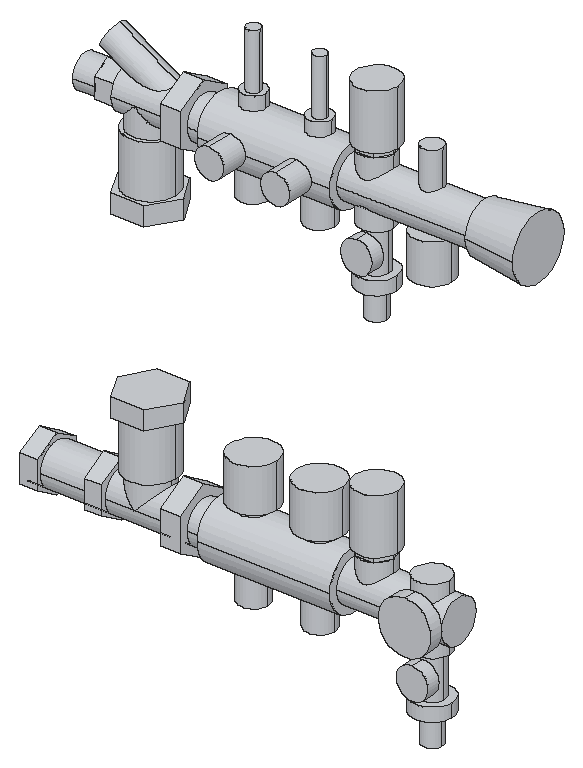
Revit family "318_1dab38ccfa9a4ba2b3cf6a35155c02", category Pipe Accessories, Revit 2017
Family settings
  Round Connector Dimension = Use Diameter
  Part Type = Valve - Normal
  Work Plane-Based = No
  Always vertical = Yes
  Cut with Voids When Loaded = No
  Shared = No
Parameters (values of type "R557FY002")
  magi_piping_qv_2_2 [instance] = 0.0 L/s
  magi_piping_qv_2_1 [instance] = 0.0 L/s
  magi_piping_qv_1_2 [instance] = 0.0 L/s
  magi_piping_qv_1_1 [instance] = 0.0 L/s
  magi_piping_qv [instance] = 0.0 L/s
  magi_piping_power_2 [instance] = 0 W
  magi_piping_power_1 [instance] = 0 W
  magi_piping_kv_2 [instance] = 0
  magi_piping_kv_1 [instance] = 0
  magi_piping_dpTot_2 [instance] = 0.0 Pa
  magi_piping_dpTot_1 [instance] = 0.0 Pa
  magi_adjustmentValue_2 [instance] = ""
  magi_adjustmentValue_1 [instance] = ""
  magiProductId = "1dab38ccfa9a4ba2b3cf6a35155c02"
  magiProductFamilyId = "1dab38ccfa9a4ba2b3cf6a35155c02"
  magiProductCode = "R557FY002"
  magiPartTypeId = 318
  X1 = 127 mm
  VersionID = "2.0/2016.10.37.0/GIACOMINI_R557FY_001"
  VL2__ve = -VL2  # -137 mm
  VL2 = 137 mm
  VL1 = 102 mm
  URL = "http://www.giacomini.com/en"
  SMP = 25 mm
  SBP9 = 18 mm
  SBP8 = 18 mm
  SBP7 = 18 mm
  SBP6 = 18 mm
  SBP5 = 18 mm
  SBP4 = 18 mm
  SBP3 = 18 mm
  SBP2 = 18 mm
  SBP12 = 18 mm
  SBP11 = 18 mm
  SBP10 = 18 mm
  SBP1 = 18 mm
  RMP = 25 mm
  RBP9 = 18 mm
  RBP8 = 18 mm
  RBP7 = 18 mm
  RBP6 = 18 mm
  RBP5 = 18 mm
  RBP4 = 18 mm
  RBP3 = 18 mm
  RBP2 = 18 mm
  RBP12 = 18 mm
  RBP11 = 18 mm
  RBP10 = 18 mm
  RBP1 = 18 mm
  R2 = 22 mm
  QmdConnectorList = "321;SMP;322;SBP1;323;SBP2;351;RMP;352;RBP1;353;RBP2"
  Productdata [instance] = "© Progman Oy, all rights reserved"
  N9 = no
  N8 = no
  N7 = no
  N6 = no
  N5 = no
  N4 = no
  N3 = no
  N12 = no
  N11 = no
  N10 = no
  Manufacturer = "Giacomini"
  MC_Default_elevation = 0 mm
  L = 100 mm
  I = 50 mm
  H5 = 33 mm
  H4 = 5 mm
  H3__ve = -H3  # -40 mm
  H3 = 40 mm
  H2__ve = -H2  # -20 mm
  H2 = 20 mm
  H12 = 42 mm
  H11 = 10 mm
  Flow supply main [instance] = Flow supply 1 + Flow supply 2  # 0.0 L/s
  Flow supply 2 [instance] = 0.0 L/s
  Flow supply 1 [instance] = 0.0 L/s
  Flow return main [instance] = Flow return 1 + Flow return 2  # 0.0 L/s
  Flow return 2 [instance] = 0.0 L/s
  Flow return 1 [instance] = 0.0 L/s
  E = 274 mm
  Description = "PREASSEMBLED MANIFOLD WITH FLOW METERS"
  D4 = 22 mm
  D32 = 10 mm
  D31 = 18 mm
  D2 = 44 mm
  CAT0 = yes
Reference planes
  plane 1 "Center (Front/Back)": y = 0
  plane 2 "XYPLANE": z = 0
  plane 3 "Center (Left/Right)": x = 0
  plane 4 "INIT_TEMP": y = 100
  plane 5 "386": y = -16
  plane 6 "385": z = -41
  plane 7 "384": z = -67
  plane 8 "383": z = -57
  plane 9 "382": y = -9
  plane 10 "381": z = -315
  plane 11 "380": z = -341
  plane 12 "379": z = -331
  plane 13 "378": z = -213
  plane 14 "377": z = -253
  plane 15 "376": z = -61
  plane 16 "375": z = -21
  plane 17 "374": x = 49
  plane 18 "373": x = 77
  plane 19 "372": x = 17
  plane 20 "371": x = 32
  plane 21 "370": x = -35
  plane 22 "369": x = 27
  plane 23 "368": x = 89
  plane 24 "367": x = -35
  plane 25 "366": x = 102
  plane 26 "365": z = -314
  plane 27 "364": z = -247
  plane 28 "363": z = -252
  plane 29 "362": z = -40
  plane 30 "361": x = 0
  plane 31 "360": y = 0
  plane 32 "359": z = -274
  plane 33 "358": z = 0
  plane 34 "357": z = 22
  plane 35 "356": x = 127
  plane 36 "355": x = 177
  plane 37 "354": y = -22
  plane 38 "353": x = 227
  plane 39 "352": z = 32
  plane 40 "351": x = 277
  plane 41 "350": x = 327
  plane 42 "349": x = 377
  plane 43 "348": x = 427
  plane 44 "347": x = 477
  plane 45 "346": x = 527
  plane 46 "345": x = 577
  plane 47 "344": x = 627
  plane 48 "343": x = 677
  plane 49 "342": x = 202
  plane 50 "341": x = 302
  plane 51 "340": x = 342
  plane 52 "339": x = 220
  plane 53 "338": z = -25
  plane 54 "337": z = 25
  plane 55 "336": z = 30
  plane 56 "335": z = -249
  plane 57 "334": z = -244
  plane 58 "333": z = -16
  plane 59 "332": x = 262
  plane 60 "331": z = -299
  plane 61 "1099": through (77, -750, 0) normal (0.866, 0, -0.5)
Forms (mm)
  Extrusion 1, solid
    sketch origin (750, -16, 0) x (-1, 0, 0) y (0, 0, 1)
      loop
        circle (488, -274) r 20
    from 0 to -10
  Extrusion 2, solid
    sketch origin (-750, 0, -67) x (1, 0, 0) y (0, 1, 0)
      loop
        circle (970, 0) r 7.5
    from 0 to -22
  Extrusion 3, solid
    sketch origin (750, -9, 0) x (-1, 0, 0) y (0, 0, 1)
      loop
        circle (530, -41) r 12
    from 0 to -10
  Extrusion 4, solid
    sketch origin (750, -9, 0) x (-1, 0, 0) y (0, 0, 1)
      loop
        circle (488, -315) r 12
    from 0 to -10
  Extrusion 5, solid
    sketch origin (-750, 0, -341) x (1, 0, 0) y (0, 1, 0)
      loop
        circle (1012, 0) r 7.5
    from 0 to -22
  Extrusion 6, solid
    sketch origin (-750, 0, -57) x (1, 0, 0) y (0, 1, 0)
      loop
        circle (970, 0) r 15
    from 0 to -10
  Extrusion 7, solid
    sketch origin (-750, 0, -331) x (1, 0, 0) y (0, 1, 0)
      loop
        circle (1012, 0) r 15
    from 0 to -10
  Extrusion 8, solid
    sketch origin (-750, 0, -299) x (1, 0, 0) y (0, 1, 0)
      loop
        circle (1012, 0) r 9
    from 0 to -32
  Extrusion 9, solid
    sketch origin (-750, 0, -253) x (1, 0, 0) y (0, 1, 0)
      loop
        circle (799, 0) r 19
    from 0 to 40
  Extrusion 10, solid
    sketch origin (-750, 0, -274) x (1, 0, 0) y (0, 1, 0)
      loop
        circle (799, 0) r 16
    from 0 to 21
  Extrusion 11, solid
    sketch origin (-750, 0, -213) x (1, 0, 0) y (0, 1, 0)
      loop
        line (824, 0) -> (811.5, 21.651) -> (786.5, 21.651) -> (774, 0) -> (786.5, -21.651) -> (811.5, -21.651) -> (824, 0)
    from 0 to 14
  Extrusion 12, solid
    sketch origin (-750, 0, -61) x (1, 0, 0) y (0, 1, 0)
      loop
        line (774, 0) -> (786.5, -21.651) -> (811.5, -21.651) -> (824, 0) -> (811.5, 21.651) -> (786.5, 21.651) -> (774, 0)
    from 0 to -14
  Extrusion 13, solid
    sketch origin (-750, 0, 0) x (1, 0, 0) y (0, 1, 0)
      loop
        circle (799, 0) r 16
    from 0 to -21
  Extrusion 14, solid
    sketch origin (-750, 0, -21) x (1, 0, 0) y (0, 1, 0)
      loop
        circle (799, 0) r 19
    from 0 to -40
  Extrusion 15, solid
    sketch origin (77, -750, 0) x (0, 1, 0) y (0.5, 0, 0.866025)
      loop
        circle (750, 0) r 10.5
    from 0 to -65
  Extrusion 16, solid, visible <- "CAT0"
    sketch origin (17, -750, 0) x (0, 1, 0) y (0, 0, 1)
      loop
        circle (750, 0) r 12.5
    from 0 to -17
  Extrusion 17, solid
    sketch origin (32, -750, 0) x (0, 1, 0) y (0, 0, 1)
      loop
        line (750, 15) -> (737.01, 7.5) -> (737.01, -7.5) -> (750, -15) -> (762.99, -7.5) -> (762.99, 7.5) -> (750, 15)
    from 0 to -15
  Extrusion 18, solid
    sketch origin (-35, -750, 0) x (0, 1, 0) y (0, 0, 1)
      loop
        line (750, -253) -> (731.813, -263.5) -> (731.813, -284.5) -> (750, -295) -> (768.187, -284.5) -> (768.187, -263.5) -> (750, -253)
    from 0 to 13
  Extrusion 19, solid
    sketch origin (27, -750, 0) x (0, 1, 0) y (0, 0, 1)
      loop
        line (750, -253) -> (731.813, -263.5) -> (731.813, -284.5) -> (750, -295) -> (768.187, -284.5) -> (768.187, -263.5) -> (750, -253)
    from 0 to -13
  Extrusion 20, solid
    sketch origin (102, -750, 0) x (0, 1, 0) y (0, 0, 1)
      loop
        circle (750, 0) r 16
    from 0 to -70
  Extrusion 21, solid
    sketch origin (89, -750, 0) x (0, 1, 0) y (0, 0, 1)
      loop
        line (750, 25) -> (728.349, 12.5) -> (728.349, -12.5) -> (750, -25) -> (771.651, -12.5) -> (771.651, 12.5) -> (750, 25)
    from 0 to -15
  Extrusion 22, solid
    sketch origin (89, -750, 0) x (0, 1, 0) y (0, 0, 1)
      loop
        line (750, -249) -> (728.349, -261.5) -> (728.349, -286.5) -> (750, -299) -> (771.651, -286.5) -> (771.651, -261.5) -> (750, -249)
    from 0 to -15
  Extrusion 23, solid
    sketch origin (102, -750, 0) x (0, 1, 0) y (0, 0, 1)
      loop
        circle (750, -274) r 16
    from 0 to -137 <- "VL2__ve"
  Extrusion 24, solid, visible <- "N10"
    sketch origin (-750, 0, -274) x (1, 0, 0) y (0, 1, 0)
      loop
        circle (1327, 0) r 11
    from 0 to -40 <- "H3__ve"
  Extrusion 25, solid, visible <- "N10"
    sketch origin (-750, 0, -252) x (1, 0, 0) y (0, 1, 0)
      loop
        circle (1327, 0) r 11
    from 0 to 5 <- "H4"
  Extrusion 26, solid, visible <- "N10"
    sketch origin (-750, 0, -247) x (1, 0, 0) y (0, 1, 0)
      loop
        circle (1327, 0) r 17.5
    from 0 to 33 <- "H5"
  Extrusion 27, solid, visible <- "N12"
    sketch origin (-750, 0, -247) x (1, 0, 0) y (0, 1, 0)
      loop
        circle (1427, 0) r 17.5
    from 0 to 33 <- "H5"
  Extrusion 28, solid, visible <- "N12"
    sketch origin (-750, 0, -252) x (1, 0, 0) y (0, 1, 0)
      loop
        circle (1427, 0) r 11
    from 0 to 5 <- "H4"
  Extrusion 29, solid, visible <- "N12"
    sketch origin (-750, 0, -274) x (1, 0, 0) y (0, 1, 0)
      loop
        circle (1427, 0) r 11
    from 0 to -40 <- "H3__ve"
  Extrusion 30, solid, visible <- "N11"
    sketch origin (-750, 0, -274) x (1, 0, 0) y (0, 1, 0)
      loop
        circle (1377, 0) r 11
    from 0 to -40 <- "H3__ve"
  Extrusion 31, solid, visible <- "N11"
    sketch origin (-750, 0, -252) x (1, 0, 0) y (0, 1, 0)
      loop
        circle (1377, 0) r 11
    from 0 to 5 <- "H4"
  Extrusion 32, solid, visible <- "N11"
    sketch origin (-750, 0, -247) x (1, 0, 0) y (0, 1, 0)
      loop
        circle (1377, 0) r 17.5
    from 0 to 33 <- "H5"
  Extrusion 33, solid, visible <- "N8"
    sketch origin (-750, 0, -247) x (1, 0, 0) y (0, 1, 0)
      loop
        circle (1227, 0) r 17.5
    from 0 to 33 <- "H5"
  Extrusion 34, solid, visible <- "N8"
    sketch origin (-750, 0, -252) x (1, 0, 0) y (0, 1, 0)
      loop
        circle (1227, 0) r 11
    from 0 to 5 <- "H4"
  Extrusion 35, solid, visible <- "N8"
    sketch origin (-750, 0, -274) x (1, 0, 0) y (0, 1, 0)
      loop
        circle (1227, 0) r 11
    from 0 to -40 <- "H3__ve"
  Extrusion 36, solid, visible <- "N9"
    sketch origin (-750, 0, -274) x (1, 0, 0) y (0, 1, 0)
      loop
        circle (1277, 0) r 11
    from 0 to -40 <- "H3__ve"
  Extrusion 37, solid, visible <- "N9"
    sketch origin (-750, 0, -252) x (1, 0, 0) y (0, 1, 0)
      loop
        circle (1277, 0) r 11
    from 0 to 5 <- "H4"
  Extrusion 38, solid, visible <- "N9"
    sketch origin (-750, 0, -247) x (1, 0, 0) y (0, 1, 0)
      loop
        circle (1277, 0) r 17.5
    from 0 to 33 <- "H5"
  Extrusion 39, solid, visible <- "N7"
    sketch origin (-750, 0, -247) x (1, 0, 0) y (0, 1, 0)
      loop
        circle (1177, 0) r 17.5
    from 0 to 33 <- "H5"
  Extrusion 40, solid, visible <- "N7"
    sketch origin (-750, 0, -252) x (1, 0, 0) y (0, 1, 0)
      loop
        circle (1177, 0) r 11
    from 0 to 5 <- "H4"
  Extrusion 41, solid, visible <- "N7"
    sketch origin (-750, 0, -274) x (1, 0, 0) y (0, 1, 0)
      loop
        circle (1177, 0) r 11
    from 0 to -40 <- "H3__ve"
  Extrusion 42, solid, visible <- "N6"
    sketch origin (-750, 0, -274) x (1, 0, 0) y (0, 1, 0)
      loop
        circle (1127, 0) r 11
    from 0 to -40 <- "H3__ve"
  Extrusion 43, solid, visible <- "N6"
    sketch origin (-750, 0, -252) x (1, 0, 0) y (0, 1, 0)
      loop
        circle (1127, 0) r 11
    from 0 to 5 <- "H4"
  Extrusion 44, solid, visible <- "N6"
    sketch origin (-750, 0, -247) x (1, 0, 0) y (0, 1, 0)
      loop
        circle (1127, 0) r 17.5
    from 0 to 33 <- "H5"
  Extrusion 45, solid, visible <- "N5"
    sketch origin (-750, 0, -247) x (1, 0, 0) y (0, 1, 0)
      loop
        circle (1077, 0) r 17.5
    from 0 to 33 <- "H5"
  Extrusion 46, solid, visible <- "N5"
    sketch origin (-750, 0, -252) x (1, 0, 0) y (0, 1, 0)
      loop
        circle (1077, 0) r 11
    from 0 to 5 <- "H4"
  Extrusion 47, solid, visible <- "N5"
    sketch origin (-750, 0, -274) x (1, 0, 0) y (0, 1, 0)
      loop
        circle (1077, 0) r 11
    from 0 to -40 <- "H3__ve"
  Extrusion 48, solid, visible <- "N4"
    sketch origin (-750, 0, -274) x (1, 0, 0) y (0, 1, 0)
      loop
        circle (1027, 0) r 11
    from 0 to -40 <- "H3__ve"
  Extrusion 49, solid, visible <- "N4"
    sketch origin (-750, 0, -252) x (1, 0, 0) y (0, 1, 0)
      loop
        circle (1027, 0) r 11
    from 0 to 5 <- "H4"
  Extrusion 50, solid, visible <- "N4"
    sketch origin (-750, 0, -247) x (1, 0, 0) y (0, 1, 0)
      loop
        circle (1027, 0) r 17.5
    from 0 to 33 <- "H5"
  Extrusion 51, solid, visible <- "N3"
    sketch origin (-750, 0, -247) x (1, 0, 0) y (0, 1, 0)
      loop
        circle (977, 0) r 17.5
    from 0 to 33 <- "H5"
  Extrusion 52, solid, visible <- "N3"
    sketch origin (-750, 0, -252) x (1, 0, 0) y (0, 1, 0)
      loop
        circle (977, 0) r 11
    from 0 to 5 <- "H4"
  Extrusion 53, solid
    sketch origin (-750, 0, -252) x (1, 0, 0) y (0, 1, 0)
      loop
        circle (927, 0) r 11
    from 0 to 5 <- "H4"
  Extrusion 54, solid
    sketch origin (-750, 0, -247) x (1, 0, 0) y (0, 1, 0)
      loop
        circle (927, 0) r 17.5
    from 0 to 33 <- "H5"
  Extrusion 55, solid
    sketch origin (-750, 0, -247) x (1, 0, 0) y (0, 1, 0)
      loop
        circle (877, 0) r 17.5
    from 0 to 33 <- "H5"
  Extrusion 56, solid
    sketch origin (-750, 0, -252) x (1, 0, 0) y (0, 1, 0)
      loop
        circle (877, 0) r 11
    from 0 to 5 <- "H4"
  Extrusion 57, solid, visible <- "N3"
    sketch origin (-750, 0, -274) x (1, 0, 0) y (0, 1, 0)
      loop
        circle (977, 0) r 11
    from 0 to -40 <- "H3__ve"
  Extrusion 58, solid
    sketch origin (-750, 0, -274) x (1, 0, 0) y (0, 1, 0)
      loop
        circle (877, 0) r 11
    from 0 to -40 <- "H3__ve"
  Extrusion 59, solid
    sketch origin (-750, 0, -274) x (1, 0, 0) y (0, 1, 0)
      loop
        circle (927, 0) r 11
    from 0 to -40 <- "H3__ve"
  Extrusion 60, solid
    sketch origin (102, -750, 0) x (0, 1, 0) y (0, 0, 1)
      loop
        circle (750, -274) r 22
    from 0 to 100 <- "L"
  Extrusion 61, solid, visible <- "N8"
    sketch origin (-750, 0, 0) x (1, 0, 0) y (0, 1, 0)
      loop
        circle (1227, 0) r 11
    from 0 to -40 <- "H3__ve"
  Extrusion 62, solid, visible <- "N9"
    sketch origin (-750, 0, 0) x (1, 0, 0) y (0, 1, 0)
      loop
        circle (1277, 0) r 11
    from 0 to -40 <- "H3__ve"
  Extrusion 63, solid, visible <- "N10"
    sketch origin (-750, 0, 0) x (1, 0, 0) y (0, 1, 0)
      loop
        circle (1327, 0) r 11
    from 0 to -40 <- "H3__ve"
  Extrusion 64, solid, visible <- "N11"
    sketch origin (-750, 0, 0) x (1, 0, 0) y (0, 1, 0)
      loop
        circle (1377, 0) r 11
    from 0 to -40 <- "H3__ve"
  Extrusion 65, solid, visible <- "N12"
    sketch origin (-750, 0, 0) x (1, 0, 0) y (0, 1, 0)
      loop
        circle (1427, 0) r 11
    from 0 to -40 <- "H3__ve"
  Extrusion 66, solid, visible <- "N7"
    sketch origin (-750, 0, 0) x (1, 0, 0) y (0, 1, 0)
      loop
        circle (1177, 0) r 11
    from 0 to -40 <- "H3__ve"
  Extrusion 67, solid, visible <- "N6"
    sketch origin (-750, 0, 0) x (1, 0, 0) y (0, 1, 0)
      loop
        circle (1127, 0) r 11
    from 0 to -40 <- "H3__ve"
  Extrusion 68, solid, visible <- "N5"
    sketch origin (-750, 0, 0) x (1, 0, 0) y (0, 1, 0)
      loop
        circle (1077, 0) r 11
    from 0 to -40 <- "H3__ve"
  Extrusion 69, solid, visible <- "N4"
    sketch origin (-750, 0, 0) x (1, 0, 0) y (0, 1, 0)
      loop
        circle (1027, 0) r 11
    from 0 to -40 <- "H3__ve"
  Extrusion 70, solid, visible <- "N3"
    sketch origin (-750, 0, 0) x (1, 0, 0) y (0, 1, 0)
      loop
        circle (977, 0) r 11
    from 0 to -40 <- "H3__ve"
  Extrusion 71, solid
    sketch origin (-750, 0, 0) x (1, 0, 0) y (0, 1, 0)
      loop
        circle (927, 0) r 11
    from 0 to -40 <- "H3__ve"
  Extrusion 72, solid
    sketch origin (-750, 0, 0) x (1, 0, 0) y (0, 1, 0)
      loop
        circle (877, 0) r 11
    from 0 to -40 <- "H3__ve"
  Extrusion 73, solid
    sketch origin (102, -750, 0) x (0, 1, 0) y (0, 0, 1)
      loop
        circle (750, 0) r 22
    from 0 to 100 <- "L"
  Extrusion 74, solid
    sketch origin (-750, 0, 22) x (1, 0, 0) y (0, 1, 0)
      loop
        circle (877, 0) r 9
    from 0 to 10 <- "H11"
  Extrusion 75, solid
    sketch origin (750, -22, 0) x (-1, 0, 0) y (0, 0, 1)
      loop
        circle (623, 0) r 11
    from 0 to -20 <- "H2__ve"
  Extrusion 76, solid
    sketch origin (750, -22, 0) x (-1, 0, 0) y (0, 0, 1)
      loop
        circle (573, 0) r 11
    from 0 to -20 <- "H2__ve"
  Extrusion 77, solid, visible <- "N3"
    sketch origin (750, -22, 0) x (-1, 0, 0) y (0, 0, 1)
      loop
        circle (523, 0) r 11
    from 0 to -20 <- "H2__ve"
  Extrusion 78, solid
    sketch origin (-750, 0, 32) x (1, 0, 0) y (0, 1, 0)
      loop
        circle (877, 0) r 5
    from 0 to 42 <- "H12"
  Extrusion 79, solid
    sketch origin (-750, 0, 32) x (1, 0, 0) y (0, 1, 0)
      loop
        circle (927, 0) r 5
    from 0 to 42 <- "H12"
  Extrusion 80, solid
    sketch origin (-750, 0, 22) x (1, 0, 0) y (0, 1, 0)
      loop
        circle (927, 0) r 9
    from 0 to 10 <- "H11"
  Extrusion 81, solid, visible <- "N3"
    sketch origin (-750, 0, 22) x (1, 0, 0) y (0, 1, 0)
      loop
        circle (977, 0) r 9
    from 0 to 10 <- "H11"
  Extrusion 82, solid, visible <- "N3"
    sketch origin (-750, 0, 32) x (1, 0, 0) y (0, 1, 0)
      loop
        circle (977, 0) r 5
    from 0 to 42 <- "H12"
  Extrusion 83, solid, visible <- "N4"
    sketch origin (-750, 0, 32) x (1, 0, 0) y (0, 1, 0)
      loop
        circle (1027, 0) r 5
    from 0 to 42 <- "H12"
  Extrusion 84, solid, visible <- "N4"
    sketch origin (-750, 0, 22) x (1, 0, 0) y (0, 1, 0)
      loop
        circle (1027, 0) r 9
    from 0 to 10 <- "H11"
  Extrusion 85, solid, visible <- "N4"
    sketch origin (750, -22, 0) x (-1, 0, 0) y (0, 0, 1)
      loop
        circle (473, 0) r 11
    from 0 to -20 <- "H2__ve"
  Extrusion 86, solid, visible <- "N5"
    sketch origin (750, -22, 0) x (-1, 0, 0) y (0, 0, 1)
      loop
        circle (423, 0) r 11
    from 0 to -20 <- "H2__ve"
  Extrusion 87, solid, visible <- "N5"
    sketch origin (-750, 0, 22) x (1, 0, 0) y (0, 1, 0)
      loop
        circle (1077, 0) r 9
    from 0 to 10 <- "H11"
  Extrusion 88, solid, visible <- "N5"
    sketch origin (-750, 0, 32) x (1, 0, 0) y (0, 1, 0)
      loop
        circle (1077, 0) r 5
    from 0 to 42 <- "H12"
  Extrusion 89, solid, visible <- "N6"
    sketch origin (-750, 0, 32) x (1, 0, 0) y (0, 1, 0)
      loop
        circle (1127, 0) r 5
    from 0 to 42 <- "H12"
  Extrusion 90, solid, visible <- "N6"
    sketch origin (-750, 0, 22) x (1, 0, 0) y (0, 1, 0)
      loop
        circle (1127, 0) r 9
    from 0 to 10 <- "H11"
  Extrusion 91, solid, visible <- "N6"
    sketch origin (750, -22, 0) x (-1, 0, 0) y (0, 0, 1)
      loop
        circle (373, 0) r 11
    from 0 to -20 <- "H2__ve"
  Extrusion 92, solid, visible <- "N7"
    sketch origin (750, -22, 0) x (-1, 0, 0) y (0, 0, 1)
      loop
        circle (323, 0) r 11
    from 0 to -20 <- "H2__ve"
  Extrusion 93, solid, visible <- "N7"
    sketch origin (-750, 0, 22) x (1, 0, 0) y (0, 1, 0)
      loop
        circle (1177, 0) r 9
    from 0 to 10 <- "H11"
  Extrusion 94, solid, visible <- "N7"
    sketch origin (-750, 0, 32) x (1, 0, 0) y (0, 1, 0)
      loop
        circle (1177, 0) r 5
    from 0 to 42 <- "H12"
  Extrusion 95, solid, visible <- "N8"
    sketch origin (-750, 0, 32) x (1, 0, 0) y (0, 1, 0)
      loop
        circle (1227, 0) r 5
    from 0 to 42 <- "H12"
  Extrusion 96, solid, visible <- "N8"
    sketch origin (-750, 0, 22) x (1, 0, 0) y (0, 1, 0)
      loop
        circle (1227, 0) r 9
    from 0 to 10 <- "H11"
  Extrusion 97, solid, visible <- "N8"
    sketch origin (750, -22, 0) x (-1, 0, 0) y (0, 0, 1)
      loop
        circle (273, 0) r 11
    from 0 to -20 <- "H2__ve"
  Extrusion 98, solid, visible <- "N10"
    sketch origin (750, -22, 0) x (-1, 0, 0) y (0, 0, 1)
      loop
        circle (173, 0) r 11
    from 0 to -20 <- "H2__ve"
  Extrusion 99, solid, visible <- "N10"
    sketch origin (-750, 0, 22) x (1, 0, 0) y (0, 1, 0)
      loop
        circle (1327, 0) r 9
    from 0 to 10 <- "H11"
  Extrusion 100, solid, visible <- "N10"
    sketch origin (-750, 0, 32) x (1, 0, 0) y (0, 1, 0)
      loop
        circle (1327, 0) r 5
    from 0 to 42 <- "H12"
  Extrusion 101, solid, visible <- "N9"
    sketch origin (-750, 0, 32) x (1, 0, 0) y (0, 1, 0)
      loop
        circle (1277, 0) r 5
    from 0 to 42 <- "H12"
  Extrusion 102, solid, visible <- "N9"
    sketch origin (-750, 0, 22) x (1, 0, 0) y (0, 1, 0)
      loop
        circle (1277, 0) r 9
    from 0 to 10 <- "H11"
  Extrusion 103, solid, visible <- "N9"
    sketch origin (750, -22, 0) x (-1, 0, 0) y (0, 0, 1)
      loop
        circle (223, 0) r 11
    from 0 to -20 <- "H2__ve"
  Extrusion 104, solid, visible <- "N11"
    sketch origin (-750, 0, 32) x (1, 0, 0) y (0, 1, 0)
      loop
        circle (1377, 0) r 5
    from 0 to 42 <- "H12"
  Extrusion 105, solid, visible <- "N11"
    sketch origin (-750, 0, 22) x (1, 0, 0) y (0, 1, 0)
      loop
        circle (1377, 0) r 9
    from 0 to 10 <- "H11"
  Extrusion 106, solid, visible <- "N11"
    sketch origin (750, -22, 0) x (-1, 0, 0) y (0, 0, 1)
      loop
        circle (123, 0) r 11
    from 0 to -20 <- "H2__ve"
  Extrusion 107, solid, visible <- "N12"
    sketch origin (750, -22, 0) x (-1, 0, 0) y (0, 0, 1)
      loop
        circle (73, 0) r 11
    from 0 to -20 <- "H2__ve"
  Extrusion 108, solid, visible <- "N12"
    sketch origin (-750, 0, 22) x (1, 0, 0) y (0, 1, 0)
      loop
        circle (1427, 0) r 9
    from 0 to 10 <- "H11"
  Extrusion 109, solid, visible <- "N12"
    sketch origin (-750, 0, 32) x (1, 0, 0) y (0, 1, 0)
      loop
        circle (1427, 0) r 5
    from 0 to 42 <- "H12"
  Extrusion 110, solid
    sketch origin (202, -750, 0) x (0, 1, 0) y (0, 0, 1)
      loop
        circle (750, 0) r 16
    from 0 to 100
  Blend 111, solid
    base sketch origin (302, -750, 0) x (0, 1, 0) y (0, 0, 1)
      loop
        circle (750, 0) r 19
    top sketch origin (302, -750, 0) x (0, 1, 0) y (0, 0, 1)
      loop
        circle (750, 0) r 24
    from 0 to 40
  Extrusion 112, solid
    sketch origin (-750, 0, -25) x (1, 0, 0) y (0, 1, 0)
      loop
        circle (970, 0) r 13
    from 0 to 50
  Extrusion 113, solid
    sketch origin (-750, 0, 25) x (1, 0, 0) y (0, 1, 0)
      loop
        line (983, 0) -> (976.5, 11.258) -> (963.5, 11.258) -> (957, 0) -> (963.5, -11.258) -> (976.5, -11.258) -> (983, 0)
    from 0 to 5
  Extrusion 114, solid
    sketch origin (-750, 0, 30) x (1, 0, 0) y (0, 1, 0)
      loop
        circle (970, 0) r 16
    from 0 to 42
  Extrusion 115, solid
    sketch origin (202, -750, 0) x (0, 1, 0) y (0, 0, 1)
      loop
        circle (750, -274) r 16
    from 0 to 80
  Extrusion 116, solid
    sketch origin (-750, 0, -274) x (1, 0, 0) y (0, 1, 0)
      loop
        circle (970, 0) r 13
    from 0 to 25
  Extrusion 117, solid
    sketch origin (-750, 0, -244) x (1, 0, 0) y (0, 1, 0)
      loop
        circle (970, 0) r 16
    from 0 to 42
  Extrusion 118, solid
    sketch origin (-750, 0, -249) x (1, 0, 0) y (0, 1, 0)
      loop
        line (983, 0) -> (976.5, 11.258) -> (963.5, 11.258) -> (957, 0) -> (963.5, -11.258) -> (976.5, -11.258) -> (983, 0)
    from 0 to 5
  Extrusion 119, solid, visible <- "CAT0"
    sketch origin (-750, 0, -16) x (1, 0, 0) y (0, 1, 0)
      loop
        circle (1012, 0) r 15
    from 0 to -30
  Extrusion 120, solid, visible <- "CAT0"
    sketch origin (-750, 0, 0) x (1, 0, 0) y (0, 1, 0)
      loop
        circle (1012, 0) r 8
    from 0 to 42
  Extrusion 121, solid
    sketch origin (-750, 0, -25) x (1, 0, 0) y (0, 1, 0)
      loop
        circle (970, 0) r 9
    from 0 to -32
  Extrusion 122, solid
    sketch origin (-750, 0, -299) x (1, 0, 0) y (0, 1, 0)
      loop
        circle (1012, 0) r 13
    from 0 to 50
  Extrusion 123, solid, not visible
    sketch origin (-750, 0, -314) x (1, 0, 0) y (0, 1, 0)
      loop
        circle (927, 0) r 10
    from 0 to 10
  Extrusion 124, solid, not visible
    sketch origin (-750, 0, -314) x (1, 0, 0) y (0, 1, 0)
      loop
        circle (877, 0) r 10
    from 0 to 10
  Extrusion 125, solid, not visible
    sketch origin (0, -750, 0) x (0, 1, 0) y (0, 0, 1)
      loop
        circle (750, 0) r 10
    from 0 to 10
  Extrusion 126, solid, not visible
    sketch origin (-35, -750, 0) x (0, 1, 0) y (0, 0, 1)
      loop
        circle (750, -274) r 10
    from 0 to 10
  Extrusion 127, solid, not visible
    sketch origin (-750, 0, -40) x (1, 0, 0) y (0, 1, 0)
      loop
        circle (877, 0) r 10
    from 0 to 10
  Extrusion 128, solid, not visible
    sketch origin (-750, 0, -40) x (1, 0, 0) y (0, 1, 0)
      loop
        circle (927, 0) r 10
    from 0 to 10
Text (mm)
  text "© Progman Oy, all rights reserved" at (-472.209, -2482.653, 0), in view "Ref. Level"
Dimensions and locks
  plane 4 "INIT_TEMP" to plane 1 "Center (Front/Back)" = 100 mm
  locked: plane 1 "Center (Front/Back)" to plane 5 "386" at 16
  locked: plane 53 "338" to plane 6 "385" at 16
  locked: plane 8 "383" to plane 7 "384" at 10
  locked: plane 53 "338" to plane 8 "383" at 32
  locked: plane 1 "Center (Front/Back)" to plane 9 "382" at 9
  locked: plane 60 "331" to plane 10 "381" at 16
  locked: plane 12 "379" to plane 11 "380" at 10
  locked: plane 60 "331" to plane 12 "379" at 32
  locked: plane 14 "377" to plane 13 "378" at 40
  locked: plane 32 "359" to plane 14 "377" at 21
  locked: plane 16 "375" to plane 15 "376" at 40
  locked: plane 2 "XYPLANE" to plane 16 "375" at 21
  locked: plane 25 "366" to plane 17 "374" at 53
  locked: plane 25 "366" to plane 18 "373" at 25
  locked: plane 20 "371" to plane 19 "372" at 15
  locked: plane 25 "366" to plane 20 "371" at 70
  "VL2": plane 25 "366" to plane 21 "370"
  locked: plane 23 "368" to plane 22 "369" at 62
  locked: plane 25 "366" to plane 23 "368" at 13
  "VL2": plane 25 "366" to plane 24 "367"
  "VL1": plane 3 "Center (Left/Right)" to plane 25 "366"
  "H3": plane 32 "359" to plane 26 "365"
  "H4": plane 28 "363" to plane 27 "364"
  "R2": plane 32 "359" to plane 28 "363"
  "H3": plane 2 "XYPLANE" to plane 29 "362"
  locked: plane 3 "Center (Left/Right)" to plane 30 "361"
  locked: plane 1 "Center (Front/Back)" to plane 31 "360"
  "E": plane 2 "XYPLANE" to plane 32 "359"
  locked: plane 2 "XYPLANE" to plane 33 "358"
  "R2": plane 2 "XYPLANE" to plane 34 "357"
  "X1": plane 3 "Center (Left/Right)" to plane 35 "356"
  "I": plane 35 "356" to plane 36 "355"
  "R2": plane 1 "Center (Front/Back)" to plane 37 "354"
  "I": plane 36 "355" to plane 38 "353"
  "H11": plane 34 "357" to plane 39 "352"
  "I": plane 38 "353" to plane 40 "351"
  "I": plane 40 "351" to plane 41 "350"
  "I": plane 41 "350" to plane 42 "349"
  "I": plane 42 "349" to plane 43 "348"
  "I": plane 43 "348" to plane 44 "347"
  "I": plane 44 "347" to plane 45 "346"
  "I": plane 45 "346" to plane 46 "345"
  "I": plane 46 "345" to plane 47 "344"
  "I": plane 47 "344" to plane 48 "343"
  "L": plane 25 "366" to plane 49 "342"
  locked: plane 49 "342" to plane 50 "341" at 100
  locked: plane 50 "341" to plane 51 "340" at 40
  locked: plane 49 "342" to plane 52 "339" at 18
  locked: plane 2 "XYPLANE" to plane 53 "338" at 25
  locked: plane 53 "338" to plane 54 "337" at 50
  locked: plane 54 "337" to plane 55 "336" at 5
  locked: plane 32 "359" to plane 56 "335" at 25
  locked: plane 56 "335" to plane 57 "334" at 5
  locked: plane 2 "XYPLANE" to plane 58 "333" at 16
  locked: plane 49 "342" to plane 59 "332" at 60
  locked: plane 32 "359" to plane 60 "331" at 25
  "D4": diameter of Extrusion 24 sketch curve
  "D4": diameter of Extrusion 25 sketch curve
  diameter of Extrusion 26 sketch curve = 35 mm
  diameter of Extrusion 27 sketch curve = 35 mm
  "D4": diameter of Extrusion 28 sketch curve
  "D4": diameter of Extrusion 29 sketch curve
  "D4": diameter of Extrusion 30 sketch curve
  "D4": diameter of Extrusion 31 sketch curve
  diameter of Extrusion 32 sketch curve = 35 mm
  diameter of Extrusion 33 sketch curve = 35 mm
  "D4": diameter of Extrusion 34 sketch curve
  "D4": diameter of Extrusion 35 sketch curve
  "D4": diameter of Extrusion 36 sketch curve
  "D4": diameter of Extrusion 37 sketch curve
  diameter of Extrusion 38 sketch curve = 35 mm
  diameter of Extrusion 39 sketch curve = 35 mm
  "D4": diameter of Extrusion 40 sketch curve
  "D4": diameter of Extrusion 41 sketch curve
  "D4": diameter of Extrusion 42 sketch curve
  "D4": diameter of Extrusion 43 sketch curve
  diameter of Extrusion 44 sketch curve = 35 mm
  diameter of Extrusion 45 sketch curve = 35 mm
  "D4": diameter of Extrusion 46 sketch curve
  "D4": diameter of Extrusion 47 sketch curve
  "D4": diameter of Extrusion 48 sketch curve
  "D4": diameter of Extrusion 49 sketch curve
  diameter of Extrusion 50 sketch curve = 35 mm
  diameter of Extrusion 51 sketch curve = 35 mm
  "D4": diameter of Extrusion 52 sketch curve
  "D4": diameter of Extrusion 53 sketch curve
  diameter of Extrusion 54 sketch curve = 35 mm
  diameter of Extrusion 55 sketch curve = 35 mm
  "D4": diameter of Extrusion 56 sketch curve
  "D4": diameter of Extrusion 57 sketch curve
  "D4": diameter of Extrusion 58 sketch curve
  "D4": diameter of Extrusion 59 sketch curve
  "D2": diameter of Extrusion 60 sketch curve
  "D4": diameter of Extrusion 61 sketch curve
  "D4": diameter of Extrusion 62 sketch curve
  "D4": diameter of Extrusion 63 sketch curve
  "D4": diameter of Extrusion 64 sketch curve
  "D4": diameter of Extrusion 65 sketch curve
  "D4": diameter of Extrusion 66 sketch curve
  "D4": diameter of Extrusion 67 sketch curve
  "D4": diameter of Extrusion 68 sketch curve
  "D4": diameter of Extrusion 69 sketch curve
  "D4": diameter of Extrusion 70 sketch curve
  "D4": diameter of Extrusion 71 sketch curve
  "D4": diameter of Extrusion 72 sketch curve
  "D2": diameter of Extrusion 73 sketch curve
  "D31": diameter of Extrusion 74 sketch curve
  "D4": diameter of Extrusion 75 sketch curve
  "D4": diameter of Extrusion 76 sketch curve
  "D4": diameter of Extrusion 77 sketch curve
  "D32": diameter of Extrusion 78 sketch curve
  "D32": diameter of Extrusion 79 sketch curve
  "D31": diameter of Extrusion 80 sketch curve
  "D31": diameter of Extrusion 81 sketch curve
  "D32": diameter of Extrusion 82 sketch curve
  "D32": diameter of Extrusion 83 sketch curve
  "D31": diameter of Extrusion 84 sketch curve
  "D4": diameter of Extrusion 85 sketch curve
  "D4": diameter of Extrusion 86 sketch curve
  "D31": diameter of Extrusion 87 sketch curve
  "D32": diameter of Extrusion 88 sketch curve
  "D32": diameter of Extrusion 89 sketch curve
  "D31": diameter of Extrusion 90 sketch curve
  "D4": diameter of Extrusion 91 sketch curve
  "D4": diameter of Extrusion 92 sketch curve
  "D31": diameter of Extrusion 93 sketch curve
  "D32": diameter of Extrusion 94 sketch curve
  "D32": diameter of Extrusion 95 sketch curve
  "D31": diameter of Extrusion 96 sketch curve
  "D4": diameter of Extrusion 97 sketch curve
  "D4": diameter of Extrusion 98 sketch curve
  "D31": diameter of Extrusion 99 sketch curve
  "D32": diameter of Extrusion 100 sketch curve
  "D32": diameter of Extrusion 101 sketch curve
  "D31": diameter of Extrusion 102 sketch curve
  "D4": diameter of Extrusion 103 sketch curve
  "D32": diameter of Extrusion 104 sketch curve
  "D31": diameter of Extrusion 105 sketch curve
  "D4": diameter of Extrusion 106 sketch curve
  "D4": diameter of Extrusion 107 sketch curve
  "D31": diameter of Extrusion 108 sketch curve
  "D32": diameter of Extrusion 109 sketch curve
  aligned and locked: level to plane 2 "XYPLANE"
  aligned and locked: plane 32 "359" to Extrusion 1 sketch curve
  aligned and locked: plane 59 "332" to Extrusion 1 sketch curve
  aligned and locked: plane 31 "360" to Extrusion 2 sketch curve
  aligned and locked: plane 52 "339" to Extrusion 2 sketch curve
  aligned and locked: plane 6 "385" to Extrusion 3 sketch curve
  aligned and locked: plane 52 "339" to Extrusion 3 sketch curve
  aligned and locked: plane 10 "381" to Extrusion 4 sketch curve
  aligned and locked: plane 59 "332" to Extrusion 4 sketch curve
  aligned and locked: plane 31 "360" to Extrusion 5 sketch curve
  aligned and locked: plane 59 "332" to Extrusion 5 sketch curve
  aligned and locked: plane 31 "360" to Extrusion 6 sketch curve
  aligned and locked: plane 52 "339" to Extrusion 6 sketch curve
  aligned and locked: plane 31 "360" to Extrusion 7 sketch curve
  aligned and locked: plane 59 "332" to Extrusion 7 sketch curve
  aligned and locked: plane 31 "360" to Extrusion 8 sketch curve
  aligned and locked: plane 59 "332" to Extrusion 8 sketch curve
  aligned and locked: plane 17 "374" to Extrusion 9 sketch curve
  aligned and locked: plane 31 "360" to Extrusion 9 sketch curve
  aligned and locked: plane 17 "374" to Extrusion 10 sketch curve
  aligned and locked: plane 31 "360" to Extrusion 10 sketch curve
  aligned and locked: plane 17 "374" to Extrusion 13 sketch curve
  aligned and locked: plane 31 "360" to Extrusion 13 sketch curve
  aligned and locked: plane 17 "374" to Extrusion 14 sketch curve
  aligned and locked: plane 31 "360" to Extrusion 14 sketch curve
  aligned and locked: plane 31 "360" to Extrusion 15 sketch curve
  aligned and locked: Extrusion 16 sketch curve to plane 31 "360"
  aligned and locked: plane 33 "358" to Extrusion 16 sketch curve
  aligned and locked: Extrusion 20 sketch curve to plane 31 "360"
  aligned and locked: plane 33 "358" to Extrusion 20 sketch curve
  aligned and locked: Extrusion 23 sketch curve to plane 31 "360"
  aligned and locked: plane 32 "359" to Extrusion 23 sketch curve
  aligned and locked: plane 31 "360" to Extrusion 24 sketch curve
  aligned and locked: plane 46 "345" to Extrusion 24 sketch curve
  aligned and locked: plane 31 "360" to Extrusion 25 sketch curve
  aligned and locked: plane 46 "345" to Extrusion 25 sketch curve
  aligned and locked: plane 31 "360" to Extrusion 26 sketch curve
  aligned and locked: plane 46 "345" to Extrusion 26 sketch curve
  aligned and locked: plane 31 "360" to Extrusion 27 sketch curve
  aligned and locked: plane 48 "343" to Extrusion 27 sketch curve
  aligned and locked: plane 31 "360" to Extrusion 28 sketch curve
  aligned and locked: plane 48 "343" to Extrusion 28 sketch curve
  aligned and locked: plane 31 "360" to Extrusion 29 sketch curve
  aligned and locked: plane 48 "343" to Extrusion 29 sketch curve
  aligned and locked: plane 31 "360" to Extrusion 30 sketch curve
  aligned and locked: plane 47 "344" to Extrusion 30 sketch curve
  aligned and locked: plane 31 "360" to Extrusion 31 sketch curve
  aligned and locked: plane 47 "344" to Extrusion 31 sketch curve
  aligned and locked: plane 31 "360" to Extrusion 32 sketch curve
  aligned and locked: plane 47 "344" to Extrusion 32 sketch curve
  aligned and locked: plane 31 "360" to Extrusion 33 sketch curve
  aligned and locked: plane 44 "347" to Extrusion 33 sketch curve
  aligned and locked: plane 31 "360" to Extrusion 34 sketch curve
  aligned and locked: plane 44 "347" to Extrusion 34 sketch curve
  aligned and locked: plane 31 "360" to Extrusion 35 sketch curve
  aligned and locked: plane 44 "347" to Extrusion 35 sketch curve
  aligned and locked: plane 31 "360" to Extrusion 36 sketch curve
  aligned and locked: plane 45 "346" to Extrusion 36 sketch curve
  aligned and locked: plane 31 "360" to Extrusion 37 sketch curve
  aligned and locked: plane 45 "346" to Extrusion 37 sketch curve
  aligned and locked: plane 31 "360" to Extrusion 38 sketch curve
  aligned and locked: plane 45 "346" to Extrusion 38 sketch curve
  aligned and locked: plane 31 "360" to Extrusion 39 sketch curve
  aligned and locked: plane 43 "348" to Extrusion 39 sketch curve
  aligned and locked: plane 31 "360" to Extrusion 40 sketch curve
  aligned and locked: plane 43 "348" to Extrusion 40 sketch curve
  aligned and locked: plane 31 "360" to Extrusion 41 sketch curve
  aligned and locked: plane 43 "348" to Extrusion 41 sketch curve
  aligned and locked: plane 31 "360" to Extrusion 42 sketch curve
  aligned and locked: plane 42 "349" to Extrusion 42 sketch curve
  aligned and locked: plane 31 "360" to Extrusion 43 sketch curve
  aligned and locked: plane 42 "349" to Extrusion 43 sketch curve
  aligned and locked: plane 31 "360" to Extrusion 44 sketch curve
  aligned and locked: plane 42 "349" to Extrusion 44 sketch curve
  aligned and locked: plane 31 "360" to Extrusion 45 sketch curve
  aligned and locked: plane 41 "350" to Extrusion 45 sketch curve
  aligned and locked: plane 31 "360" to Extrusion 46 sketch curve
  aligned and locked: plane 41 "350" to Extrusion 46 sketch curve
  aligned and locked: plane 31 "360" to Extrusion 47 sketch curve
  aligned and locked: plane 41 "350" to Extrusion 47 sketch curve
  aligned and locked: plane 31 "360" to Extrusion 48 sketch curve
  aligned and locked: plane 40 "351" to Extrusion 48 sketch curve
  aligned and locked: plane 31 "360" to Extrusion 49 sketch curve
  aligned and locked: plane 40 "351" to Extrusion 49 sketch curve
  aligned and locked: plane 31 "360" to Extrusion 50 sketch curve
  aligned and locked: plane 40 "351" to Extrusion 50 sketch curve
  aligned and locked: plane 31 "360" to Extrusion 51 sketch curve
  aligned and locked: plane 38 "353" to Extrusion 51 sketch curve
  aligned and locked: plane 31 "360" to Extrusion 52 sketch curve
  aligned and locked: plane 38 "353" to Extrusion 52 sketch curve
  aligned and locked: plane 31 "360" to Extrusion 53 sketch curve
  aligned and locked: plane 36 "355" to Extrusion 53 sketch curve
  aligned and locked: plane 31 "360" to Extrusion 54 sketch curve
  aligned and locked: plane 36 "355" to Extrusion 54 sketch curve
  aligned and locked: plane 31 "360" to Extrusion 55 sketch curve
  aligned and locked: plane 35 "356" to Extrusion 55 sketch curve
  aligned and locked: plane 31 "360" to Extrusion 56 sketch curve
  aligned and locked: plane 35 "356" to Extrusion 56 sketch curve
  aligned and locked: plane 31 "360" to Extrusion 57 sketch curve
  aligned and locked: plane 38 "353" to Extrusion 57 sketch curve
  aligned and locked: plane 31 "360" to Extrusion 58 sketch curve
  aligned and locked: plane 35 "356" to Extrusion 58 sketch curve
  aligned and locked: plane 31 "360" to Extrusion 59 sketch curve
  aligned and locked: plane 36 "355" to Extrusion 59 sketch curve
  aligned and locked: Extrusion 60 sketch curve to plane 31 "360"
  aligned and locked: plane 32 "359" to Extrusion 60 sketch curve
  aligned and locked: plane 31 "360" to Extrusion 61 sketch curve
  aligned and locked: plane 44 "347" to Extrusion 61 sketch curve
  aligned and locked: plane 31 "360" to Extrusion 62 sketch curve
  aligned and locked: plane 45 "346" to Extrusion 62 sketch curve
  aligned and locked: plane 31 "360" to Extrusion 63 sketch curve
  aligned and locked: plane 46 "345" to Extrusion 63 sketch curve
  aligned and locked: plane 31 "360" to Extrusion 64 sketch curve
  aligned and locked: plane 47 "344" to Extrusion 64 sketch curve
  aligned and locked: plane 31 "360" to Extrusion 65 sketch curve
  aligned and locked: plane 48 "343" to Extrusion 65 sketch curve
  aligned and locked: plane 31 "360" to Extrusion 66 sketch curve
  aligned and locked: plane 43 "348" to Extrusion 66 sketch curve
  aligned and locked: plane 31 "360" to Extrusion 67 sketch curve
  aligned and locked: plane 42 "349" to Extrusion 67 sketch curve
  aligned and locked: plane 31 "360" to Extrusion 68 sketch curve
  aligned and locked: plane 41 "350" to Extrusion 68 sketch curve
  aligned and locked: plane 31 "360" to Extrusion 69 sketch curve
  aligned and locked: plane 40 "351" to Extrusion 69 sketch curve
  aligned and locked: plane 31 "360" to Extrusion 70 sketch curve
  aligned and locked: plane 38 "353" to Extrusion 70 sketch curve
  aligned and locked: plane 31 "360" to Extrusion 71 sketch curve
  aligned and locked: plane 36 "355" to Extrusion 71 sketch curve
  aligned and locked: plane 31 "360" to Extrusion 72 sketch curve
  aligned and locked: plane 35 "356" to Extrusion 72 sketch curve
  aligned and locked: Extrusion 73 sketch curve to plane 31 "360"
  aligned and locked: plane 33 "358" to Extrusion 73 sketch curve
  aligned and locked: plane 31 "360" to Extrusion 74 sketch curve
  aligned and locked: plane 35 "356" to Extrusion 74 sketch curve
  aligned and locked: plane 33 "358" to Extrusion 75 sketch curve
  aligned and locked: plane 35 "356" to Extrusion 75 sketch curve
  aligned and locked: plane 33 "358" to Extrusion 76 sketch curve
  aligned and locked: plane 36 "355" to Extrusion 76 sketch curve
  aligned and locked: plane 33 "358" to Extrusion 77 sketch curve
  aligned and locked: plane 38 "353" to Extrusion 77 sketch curve
  aligned and locked: plane 31 "360" to Extrusion 78 sketch curve
  aligned and locked: plane 35 "356" to Extrusion 78 sketch curve
  aligned and locked: plane 31 "360" to Extrusion 79 sketch curve
  aligned and locked: plane 36 "355" to Extrusion 79 sketch curve
  aligned and locked: plane 31 "360" to Extrusion 80 sketch curve
  aligned and locked: plane 36 "355" to Extrusion 80 sketch curve
  aligned and locked: plane 31 "360" to Extrusion 81 sketch curve
  aligned and locked: plane 38 "353" to Extrusion 81 sketch curve
  aligned and locked: plane 31 "360" to Extrusion 82 sketch curve
  aligned and locked: plane 38 "353" to Extrusion 82 sketch curve
  aligned and locked: plane 31 "360" to Extrusion 83 sketch curve
  aligned and locked: plane 40 "351" to Extrusion 83 sketch curve
  aligned and locked: plane 31 "360" to Extrusion 84 sketch curve
  aligned and locked: plane 40 "351" to Extrusion 84 sketch curve
  aligned and locked: plane 33 "358" to Extrusion 85 sketch curve
  aligned and locked: plane 40 "351" to Extrusion 85 sketch curve
  aligned and locked: plane 33 "358" to Extrusion 86 sketch curve
  aligned and locked: plane 41 "350" to Extrusion 86 sketch curve
  aligned and locked: plane 31 "360" to Extrusion 87 sketch curve
  aligned and locked: plane 41 "350" to Extrusion 87 sketch curve
  aligned and locked: plane 31 "360" to Extrusion 88 sketch curve
  aligned and locked: plane 41 "350" to Extrusion 88 sketch curve
  aligned and locked: plane 31 "360" to Extrusion 89 sketch curve
  aligned and locked: plane 42 "349" to Extrusion 89 sketch curve
  aligned and locked: plane 31 "360" to Extrusion 90 sketch curve
  aligned and locked: plane 42 "349" to Extrusion 90 sketch curve
  aligned and locked: plane 33 "358" to Extrusion 91 sketch curve
  aligned and locked: plane 42 "349" to Extrusion 91 sketch curve
  aligned and locked: plane 33 "358" to Extrusion 92 sketch curve
  aligned and locked: plane 43 "348" to Extrusion 92 sketch curve
  aligned and locked: plane 31 "360" to Extrusion 93 sketch curve
  aligned and locked: plane 43 "348" to Extrusion 93 sketch curve
  aligned and locked: plane 31 "360" to Extrusion 94 sketch curve
  aligned and locked: plane 43 "348" to Extrusion 94 sketch curve
  aligned and locked: plane 31 "360" to Extrusion 95 sketch curve
  aligned and locked: plane 44 "347" to Extrusion 95 sketch curve
  aligned and locked: plane 31 "360" to Extrusion 96 sketch curve
  aligned and locked: plane 44 "347" to Extrusion 96 sketch curve
  aligned and locked: plane 33 "358" to Extrusion 97 sketch curve
  aligned and locked: plane 44 "347" to Extrusion 97 sketch curve
  aligned and locked: plane 33 "358" to Extrusion 98 sketch curve
  aligned and locked: plane 46 "345" to Extrusion 98 sketch curve
  aligned and locked: plane 31 "360" to Extrusion 99 sketch curve
  aligned and locked: plane 46 "345" to Extrusion 99 sketch curve
  aligned and locked: plane 31 "360" to Extrusion 100 sketch curve
  aligned and locked: plane 46 "345" to Extrusion 100 sketch curve
  aligned and locked: plane 31 "360" to Extrusion 101 sketch curve
  aligned and locked: plane 45 "346" to Extrusion 101 sketch curve
  aligned and locked: plane 31 "360" to Extrusion 102 sketch curve
  aligned and locked: plane 45 "346" to Extrusion 102 sketch curve
  aligned and locked: plane 33 "358" to Extrusion 103 sketch curve
  aligned and locked: plane 45 "346" to Extrusion 103 sketch curve
  aligned and locked: plane 31 "360" to Extrusion 104 sketch curve
  aligned and locked: plane 47 "344" to Extrusion 104 sketch curve
  aligned and locked: plane 31 "360" to Extrusion 105 sketch curve
  aligned and locked: plane 47 "344" to Extrusion 105 sketch curve
  aligned and locked: plane 33 "358" to Extrusion 106 sketch curve
  aligned and locked: plane 47 "344" to Extrusion 106 sketch curve
  aligned and locked: plane 33 "358" to Extrusion 107 sketch curve
  aligned and locked: plane 48 "343" to Extrusion 107 sketch curve
  aligned and locked: plane 31 "360" to Extrusion 108 sketch curve
  aligned and locked: plane 48 "343" to Extrusion 108 sketch curve
  aligned and locked: plane 31 "360" to Extrusion 109 sketch curve
  aligned and locked: plane 48 "343" to Extrusion 109 sketch curve
  aligned and locked: Extrusion 110 sketch curve to plane 31 "360"
  aligned and locked: plane 33 "358" to Extrusion 110 sketch curve
  aligned and locked: Blend 111 sketch curve to plane 31 "360"  (x2)
  aligned and locked: plane 33 "358" to Blend 111 sketch curve  (x2)
  aligned and locked: plane 51 "340" to Blend 111
  aligned and locked: plane 31 "360" to Extrusion 112 sketch curve
  aligned and locked: plane 52 "339" to Extrusion 112 sketch curve
  aligned and locked: plane 31 "360" to Extrusion 114 sketch curve
  aligned and locked: plane 52 "339" to Extrusion 114 sketch curve
  aligned and locked: Extrusion 115 sketch curve to plane 31 "360"
  aligned and locked: plane 32 "359" to Extrusion 115 sketch curve
  aligned and locked: plane 31 "360" to Extrusion 116 sketch curve
  aligned and locked: plane 52 "339" to Extrusion 116 sketch curve
  aligned and locked: plane 31 "360" to Extrusion 117 sketch curve
  aligned and locked: plane 52 "339" to Extrusion 117 sketch curve
  aligned and locked: plane 31 "360" to Extrusion 119 sketch curve
  aligned and locked: plane 59 "332" to Extrusion 119 sketch curve
  aligned and locked: plane 31 "360" to Extrusion 120 sketch curve
  aligned and locked: plane 59 "332" to Extrusion 120 sketch curve
  aligned and locked: plane 31 "360" to Extrusion 121 sketch curve
  aligned and locked: plane 52 "339" to Extrusion 121 sketch curve
  aligned and locked: plane 31 "360" to Extrusion 122 sketch curve
  aligned and locked: plane 59 "332" to Extrusion 122 sketch curve
  aligned and locked: plane 31 "360" to Extrusion 123 sketch curve
  aligned and locked: plane 36 "355" to Extrusion 123 sketch curve
  aligned and locked: plane 31 "360" to Extrusion 124 sketch curve
  aligned and locked: plane 35 "356" to Extrusion 124 sketch curve
  aligned and locked: Extrusion 125 sketch curve to plane 31 "360"
  aligned and locked: plane 33 "358" to Extrusion 125 sketch curve
  aligned and locked: Extrusion 126 sketch curve to plane 31 "360"
  aligned and locked: plane 32 "359" to Extrusion 126 sketch curve
  aligned and locked: plane 31 "360" to Extrusion 127 sketch curve
  aligned and locked: plane 35 "356" to Extrusion 127 sketch curve
  aligned and locked: plane 31 "360" to Extrusion 128 sketch curve
  aligned and locked: plane 36 "355" to Extrusion 128 sketch curve
Automatic sketch dimensions
  plane 60 "331" to Extrusion 1 sketch curve = 5 mm
  Extrusion 2 sketch curve to plane 52 "339" = 7.5 mm
  plane 8 "383" to Extrusion 3 sketch curve = 4 mm
  plane 12 "379" to Extrusion 4 sketch curve = 4 mm
  Extrusion 5 sketch curve to plane 59 "332" = 7.5 mm
  plane 49 "342" to Extrusion 6 sketch curve = 3 mm
  Extrusion 7 sketch curve to plane 40 "351" = 0 mm
  Extrusion 8 sketch curve to plane 59 "332" = 9 mm
  Extrusion 9 sketch curve to plane 20 "371" = 2 mm
  plane 20 "371" to Extrusion 10 sketch curve = 1 mm
  plane 1 "Center (Front/Back)" to Extrusion 11 sketch curve = 0 mm  (x2)
  Extrusion 11 sketch curve to plane 22 "369" = 3 mm
  plane 20 "371" to Extrusion 11 sketch curve = 4.5 mm  (x2)
  plane 37 "354" to Extrusion 11 sketch curve = 0.349 mm
  plane 17 "374" to Extrusion 11 sketch curve = 12.5 mm  (x2)
  Extrusion 11 sketch curve to plane 18 "373" = 3 mm
  Extrusion 11 sketch curve to plane 1 "Center (Front/Back)" = 21.651 mm
  plane 1 "Center (Front/Back)" to Extrusion 12 sketch curve = 0 mm  (x2)
  Extrusion 12 sketch curve to plane 22 "369" = 3 mm
  plane 37 "354" to Extrusion 12 sketch curve = 0.349 mm
  plane 20 "371" to Extrusion 12 sketch curve = 4.5 mm  (x2)
  plane 17 "374" to Extrusion 12 sketch curve = 12.5 mm  (x2)
  Extrusion 12 sketch curve to plane 18 "373" = 3 mm
  Extrusion 12 sketch curve to plane 1 "Center (Front/Back)" = 21.651 mm
  plane 20 "371" to Extrusion 13 sketch curve = 1 mm
  Extrusion 14 sketch curve to plane 20 "371" = 2 mm
  Extrusion 15 sketch curve to Extrusion 15 sketch curve = 10.5 mm
  Extrusion 15 sketch curve to Extrusion 15 sketch curve = 0 mm
  plane 5 "386" to Extrusion 16 sketch curve = 3.5 mm
  Extrusion 17 sketch curve to plane 1 "Center (Front/Back)" = 0 mm  (x2)
  plane 5 "386" to Extrusion 17 sketch curve = 3.01 mm
  Extrusion 17 sketch curve to plane 1 "Center (Front/Back)" = 12.99 mm
  plane 58 "333" to Extrusion 17 sketch curve = 1 mm
  Extrusion 17 sketch curve to level = 7.5 mm  (x2)
  level to Extrusion 17 sketch curve = 7.5 mm  (x2)
  Extrusion 17 sketch curve to plane 34 "357" = 7 mm
  Extrusion 18 sketch curve to plane 1 "Center (Front/Back)" = 0 mm  (x2)
  Extrusion 18 sketch curve to plane 14 "377" = 0 mm
  Extrusion 18 sketch curve to plane 5 "386" = 2.187 mm
  Extrusion 18 sketch curve to plane 1 "Center (Front/Back)" = 18.187 mm
  Extrusion 18 sketch curve to plane 14 "377" = 10.5 mm  (x2)
  Extrusion 18 sketch curve to plane 32 "359" = 10.5 mm  (x2)
  plane 60 "331" to Extrusion 18 sketch curve = 4 mm
  Extrusion 19 sketch curve to plane 1 "Center (Front/Back)" = 0 mm  (x2)
  Extrusion 19 sketch curve to plane 14 "377" = 0 mm
  Extrusion 19 sketch curve to plane 5 "386" = 2.187 mm
  Extrusion 19 sketch curve to plane 1 "Center (Front/Back)" = 18.187 mm
  Extrusion 19 sketch curve to plane 14 "377" = 10.5 mm  (x2)
  Extrusion 19 sketch curve to plane 32 "359" = 10.5 mm  (x2)
  plane 60 "331" to Extrusion 19 sketch curve = 4 mm
  Extrusion 20 sketch curve to plane 5 "386" = 0 mm
  Extrusion 21 sketch curve to plane 1 "Center (Front/Back)" = 0 mm  (x2)
  Extrusion 21 sketch curve to plane 53 "338" = 0 mm
  Extrusion 21 sketch curve to plane 54 "337" = 0 mm
  plane 37 "354" to Extrusion 21 sketch curve = 0.349 mm
  Extrusion 21 sketch curve to plane 34 "357" = 9.5 mm  (x2)
  Extrusion 21 sketch curve to plane 1 "Center (Front/Back)" = 21.651 mm
  plane 58 "333" to Extrusion 21 sketch curve = 3.5 mm  (x2)
  Extrusion 22 sketch curve to plane 1 "Center (Front/Back)" = 0 mm  (x2)
  Extrusion 22 sketch curve to plane 60 "331" = 0 mm
  Extrusion 22 sketch curve to plane 56 "335" = 0 mm
  plane 37 "354" to Extrusion 22 sketch curve = 0.349 mm
  Extrusion 22 sketch curve to plane 14 "377" = 8.5 mm  (x2)
  Extrusion 22 sketch curve to plane 1 "Center (Front/Back)" = 21.651 mm
  Extrusion 22 sketch curve to plane 32 "359" = 12.5 mm  (x2)
  Extrusion 23 sketch curve to plane 5 "386" = 0 mm
  Extrusion 110 sketch curve to plane 5 "386" = 0 mm
  Blend 111 sketch curve to plane 5 "386" = 3 mm
  Blend 111 sketch curve to plane 37 "354" = 2 mm
  plane 49 "342" to Extrusion 112 sketch curve = 5 mm
  plane 1 "Center (Front/Back)" to Extrusion 113 sketch curve = 0 mm  (x2)
  plane 49 "342" to Extrusion 113 sketch curve = 5 mm
  Extrusion 113 sketch curve to plane 52 "339" = 6.5 mm  (x2)
  Extrusion 113 sketch curve to plane 9 "382" = 2.258 mm
  Extrusion 113 sketch curve to plane 38 "353" = 0.5 mm  (x2)
  plane 38 "353" to Extrusion 113 sketch curve = 6 mm
  Extrusion 113 sketch curve to plane 1 "Center (Front/Back)" = 11.258 mm
  plane 49 "342" to Extrusion 114 sketch curve = 2 mm
  Extrusion 115 sketch curve to plane 5 "386" = 0 mm
  plane 49 "342" to Extrusion 116 sketch curve = 5 mm
  plane 49 "342" to Extrusion 117 sketch curve = 2 mm
  plane 1 "Center (Front/Back)" to Extrusion 118 sketch curve = 0 mm  (x2)
  plane 49 "342" to Extrusion 118 sketch curve = 5 mm
  Extrusion 118 sketch curve to plane 52 "339" = 6.5 mm  (x2)
  Extrusion 118 sketch curve to plane 9 "382" = 2.258 mm
  Extrusion 118 sketch curve to plane 38 "353" = 0.5 mm  (x2)
  plane 38 "353" to Extrusion 118 sketch curve = 6 mm
  Extrusion 118 sketch curve to plane 1 "Center (Front/Back)" = 11.258 mm
  Extrusion 119 sketch curve to plane 40 "351" = 0 mm
  Extrusion 120 sketch curve to Extrusion 120 sketch curve = 8 mm
  Extrusion 121 sketch curve to Extrusion 121 sketch curve = 9 mm
  Extrusion 122 sketch curve to plane 59 "332" = 13 mm
  Extrusion 123 sketch curve to plane 9 "382" = 1 mm
  Extrusion 124 sketch curve to plane 9 "382" = 1 mm
  Extrusion 125 sketch curve to plane 9 "382" = 1 mm
  Extrusion 126 sketch curve to plane 9 "382" = 1 mm
  Extrusion 127 sketch curve to plane 9 "382" = 1 mm
  Extrusion 128 sketch curve to plane 9 "382" = 1 mm
Connectors
  piping at (0, 0, 0), diameter 25, driven by "Flow supply main", driven by "SMP"
    settings: on Extrusion 125, index 1, connector inside diameter 609.6 mm, connector length 0 mm, flow factor 0, pipe flow 0.0 L/s, pressure drop 0.0 Pa, fitting loss kfactor 0, connector angle 0.00°, fixture units 0, engagement length 0 mm, angle of deflection 0.00°, flow configuration 1, flow direction 1, fitting loss method 0, system type 7, joint type 0, gender type 0, connector reference index -1, connector utility 0, adjustable connector no, is connector primary yes, connector description "Main_1_1"
  piping at (127, 0, -40), diameter 18, driven by "Flow supply 1", driven by "SBP1"
    settings: on Extrusion 127, index 2, connector inside diameter 609.6 mm, connector length 0 mm, flow factor 0, pipe flow 0.0 L/s, pressure drop 0.0 Pa, fitting loss kfactor 0, connector angle 0.00°, fixture units 0, engagement length 0 mm, angle of deflection 0.00°, flow configuration 0, flow direction 2, fitting loss method 0, system type 7, joint type 0, gender type 0, connector reference index -1, connector utility 0, adjustable connector no, is connector primary no, connector description "Branch_1_1"
  piping at (177, 0, -40), diameter 18, driven by "Flow supply 2", driven by "SBP2"
    settings: on Extrusion 128, index 3, connector inside diameter 609.6 mm, connector length 0 mm, flow factor 0, pipe flow 0.0 L/s, pressure drop 0.0 Pa, fitting loss kfactor 0, connector angle 0.00°, fixture units 0, engagement length 0 mm, angle of deflection 0.00°, flow configuration 0, flow direction 2, fitting loss method 0, system type 7, joint type 0, gender type 0, connector reference index -1, connector utility 0, adjustable connector no, is connector primary no, connector description "Branch_1_2"
  piping at (-35, 0, -274), diameter 25, driven by "Flow return main", driven by "RMP"
    settings: on Extrusion 126, index 4, connector inside diameter 609.6 mm, connector length 0 mm, flow factor 0, pipe flow 0.0 L/s, pressure drop 0.0 Pa, fitting loss kfactor 0, connector angle 0.00°, fixture units 0, engagement length 0 mm, angle of deflection 0.00°, flow configuration 1, flow direction 2, fitting loss method 0, system type 8, joint type 0, gender type 0, connector reference index -1, connector utility 0, adjustable connector no, is connector primary no, connector description "Main_2_1"
  piping at (127, 0, -314), diameter 18, driven by "Flow return 1", driven by "RBP1"
    settings: on Extrusion 124, index 5, connector inside diameter 609.6 mm, connector length 0 mm, flow factor 0, pipe flow 0.0 L/s, pressure drop 0.0 Pa, fitting loss kfactor 0, connector angle 0.00°, fixture units 0, engagement length 0 mm, angle of deflection 0.00°, flow configuration 0, flow direction 1, fitting loss method 0, system type 8, joint type 0, gender type 0, connector reference index -1, connector utility 0, adjustable connector no, is connector primary no, connector description "Branch_2_1"
  piping at (177, 0, -314), diameter 18, driven by "Flow return 2", driven by "RBP2"
    settings: on Extrusion 123, index 6, connector inside diameter 609.6 mm, connector length 0 mm, flow factor 0, pipe flow 0.0 L/s, pressure drop 0.0 Pa, fitting loss kfactor 0, connector angle 0.00°, fixture units 0, engagement length 0 mm, angle of deflection 0.00°, flow configuration 0, flow direction 1, fitting loss method 0, system type 8, joint type 0, gender type 0, connector reference index -1, connector utility 0, adjustable connector no, is connector primary no, connector description "Branch_2_2"
